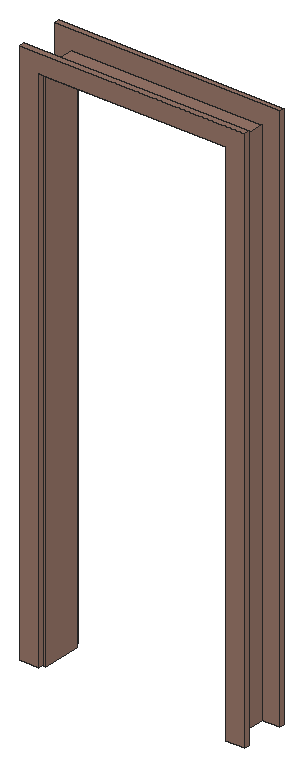
Revit family "M_Abertura de passagem em caixa", category Modelos genéricos, Revit 2019
Family settings
  Hospedeiro = Parede
  Pode hospedar o vergalhão = Não
  Cota do conector redondo = Utilizar diâmetro
  Tipo de parte = Normal
  Número OmniClass = 23.30.10.00
  Título OmniClass = Doors
  ID de item do Seek = Opening-Cased-0000-CAN-ENU
  Sempre na vertical = Sim
  Corte com vazios quando carregada = Não
  Compartilhado = Não
  Ponto de cálculo do ambiente = Não
Parameters (values of type "0762 x 2134mm")
  Material da moldura = Porta - Batente
  Altura = 2134 mm
  Espessura da apara = 20 mm
  Largura da apara = 75 mm
  Largura = 762 mm
Types (8, lengths in mm): name | Altura | Largura
  (no name) | 2134 | 762
  0915 x 2134mm | 2134 | 915
  0762 x 2134mm | 2134 | 762
  0762 x 2032mm | 2032 | 762
  0813 x 2134mm | 2134 | 813
  0864 x 2032mm | 2032 | 864
  0864 x 2134mm | 2134 | 864
  0915 x 2032mm | 2032 | 915
Reference planes
  plane 1: y = 0
  plane 2 "Centro (Esquerda/Direita)": x = -8.189
  plane 3 "Direita": x = 372.811
  plane 4 "Esquerda": x = -389.189
  plane 5 "Superior": z = 2134
  plane 6: y = 96.2
  plane 7: y = -96.2
Forms (mm)
  Sweep 1, solid, material "Porta - Batente" <- "Material da moldura", detail levels medium+fine
    path in 3D
      loop
        line (372.811, 76.2, 0) -> (372.811, 76.2, 2134) -> (-389.189, 76.2, 2134) -> (-389.189, 76.2, 0)
    profile origin (372.811, 0, 1067) x (0, 1, 0) y (-1, 0, 0)
      loop
        line (76.2, 0.95) -> (76.2, 20) -> (-76.2, 20) -> (-76.2, 0.95) -> (76.2, 0.95)
  Extrusion 2, solid, material "Porta - Batente" <- "Material da moldura", detail levels medium+fine
    sketch origin (-1524, 76.2, 0) x (-1, 0, 0) y (0, 0, 1)
      loop
        line (-1890.461, 0) -> (-1890.461, 2127.65) -> (-1141.161, 2127.65) -> (-1141.161, 0) -> (-1066.161, 0) -> (-1066.161, 2208.05) -> (-1965.461, 2208.05) -> (-1965.461, 0) -> (-1890.461, 0)
    from 0 to 20
  Extrusion 3, solid, material "Porta - Batente" <- "Material da moldura", detail levels medium+fine
    sketch origin (-1524, -76.2, 0) x (1, 0, 0) y (0, 0, 1)
      loop
        line (1141.161, 2127.65) -> (1890.461, 2127.65) -> (1890.461, 0) -> (1965.461, 0) -> (1965.461, 2202.65) -> (1066.161, 2202.65) -> (1066.161, 0) -> (1141.161, 0) -> (1141.161, 2127.65)
    from 0 to 20
Lines and regions (mm)
  Opening 1
    outline origin (-1524, -76.2, 0) x (1, 0, 0) y (0, 0, 1)
      loop
        line (1896.811, 2134) -> (1134.811, 2134) -> (1134.811, 0) -> (1896.811, 0) -> (1896.811, 2134)
  symbolic lines, style "Projeção"
    curve 1: line (-389.189, 76.2, 0) -> (372.811, 76.2, 0)
    curve 2: line (-389.189, -76.2, 0) -> (372.811, -76.2, 0)
  sketch lines
    curve 3: line (372.811, 76.2, 0) -> (372.811, 76.2, 2134)
    curve 4: line (372.811, 76.2, 2134) -> (-389.189, 76.2, 2134)
    curve 5: line (-389.189, 76.2, 2134) -> (-389.189, 76.2, 0)
  symbolic lines, style "GenericModel", detail levels medium+fine
    curve 6: line (-457.839, 76.2, 0) -> (-457.839, 96.2, 0)
    curve 7: line (-457.839, 96.2, 0) -> (-382.839, 96.2, 0)
    curve 8: line (-382.839, 96.2, 0) -> (-382.839, 76.2, 0)
    curve 9: line (-369.189, 76.2, 0) -> (-369.189, -76.2, 0)
    curve 10: line (-382.839, -76.2, 0) -> (-382.839, -96.2, 0)
    curve 11: line (-382.839, -96.2, 0) -> (-457.839, -96.2, 0)
    curve 12: line (-457.839, -96.2, 0) -> (-457.839, -76.2, 0)
    curve 13: line (441.461, 76.2, 0) -> (441.461, 96.2, 0)
    curve 14: line (441.461, 96.2, 0) -> (366.461, 96.2, 0)
    curve 15: line (366.461, 96.2, 0) -> (366.461, 76.2, 0)
    curve 16: line (352.811, 76.2, 0) -> (352.811, -76.2, 0)
    curve 17: line (366.461, -76.2, 0) -> (366.461, -96.2, 0)
    curve 18: line (366.461, -96.2, 0) -> (441.461, -96.2, 0)
    curve 19: line (441.461, -96.2, 0) -> (441.461, -76.2, 0)
Text (mm)
  text "Lado da colocação" at (0, 1019.848, 3124.603), in view "Direita"
  text "Lado da colocação" at (-1787.662, 1269.283, 0), in view "Nível de referência"
  text "Lado da colocação" at (0, 1504.039, 2975.729), in view "Esquerda"
Dimensions and locks
  "Largura": plane 4 "Esquerda" to plane 3 "Direita"
  equal spacing: plane 4 "Esquerda", plane 2 "Centro (Esquerda/Direita)", plane 3 "Direita"
  "Altura": host wall to plane 5 "Superior"
  "Espessura da apara": Sweep 1 sketch curve to plane 3 "Direita"
  plane 3 "Direita" to Extrusion 2 sketch curve = 6.35 mm
  "Largura da apara": Extrusion 2 sketch curve to Extrusion 2 sketch curve  (x2)
  locked: plane 4 "Esquerda" to Extrusion 2 sketch curve at 6.35
  locked: Extrusion 2 sketch curve to plane 5 "Superior" at 6.35
  "Largura da apara": Sweep 1 to Extrusion 2 sketch curve
  locked: Extrusion 3 sketch curve to plane 4 "Esquerda" at 6.35
  "Largura da apara": Extrusion 3 sketch curve to Extrusion 3 sketch curve  (x3)
  locked: plane 5 "Superior" to Extrusion 3 sketch curve at 6.35
  locked: plane 3 "Direita" to Extrusion 3 sketch curve at 6.35
  "Espessura da apara": host wall to plane 6
  "Espessura da apara": plane 7 to host wall
  aligned and locked: plane 3 "Direita" to Opening 1 sketch curve
  aligned and locked: Opening 1 sketch curve to plane 5 "Superior"
  aligned and locked: level to Opening 1 sketch curve
  aligned and locked: Opening 1 sketch curve to plane 4 "Esquerda"
  aligned and locked: host wall to Sweep 1 sketch curve  (x2)
  aligned and locked: Extrusion 2 to plane 6
  aligned and locked: plane 7 to Extrusion 3
Automatic sketch dimensions
  Sweep 1 sketch curve to Sweep 1 sketch curve = 19.05 mm
  Extrusion 2 sketch curve to level = 0 mm  (x2)
  Extrusion 3 sketch curve to level = 0 mm  (x2)
  curve 12 to plane 7 = 0 mm
  curve 7 to plane 6 = 0 mm
  curve 12 to host wall = 0 mm
  curve 6 to host wall = 0 mm
  curve 2 to host wall = 0 mm
  curve 2 to plane 4 "Esquerda" = 0 mm
  curve 1 to host wall = 0 mm
  curve 1 to plane 4 "Esquerda" = 0 mm
  curve 17 to plane 7 = 0 mm
  curve 14 to plane 6 = 0 mm
  curve 1 to plane 3 "Direita" = 0 mm
  curve 2 to plane 3 "Direita" = 0 mm
  curve 13 to host wall = 0 mm
  curve 19 to host wall = 0 mm
  curve 11 to plane 4 "Esquerda" = 68.65 mm
  curve 6 to plane 4 "Esquerda" = 68.65 mm
  curve 2 to curve 10 = 6.35 mm
  curve 1 to curve 8 = 6.35 mm
  curve 10 to curve 9 = 13.65 mm
  curve 16 to plane 3 "Direita" = 20 mm
  curve 17 to plane 3 "Direita" = 6.35 mm
  curve 14 to plane 3 "Direita" = 6.35 mm
  plane 3 "Direita" to curve 13 = 68.65 mm
  plane 3 "Direita" to curve 18 = 68.65 mm
